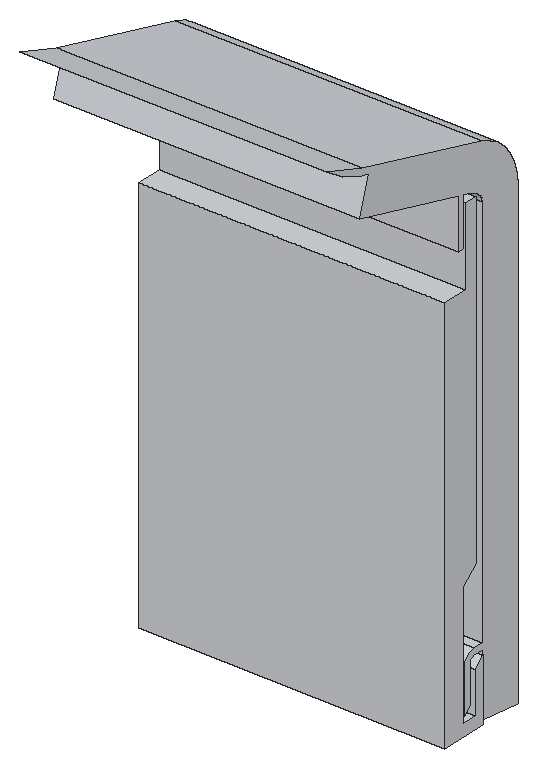
Revit family "HansWeitzel_2018", category Allgemeines Modell, Revit 2017
Family settings
  Basisbauteil = Wand
  Kann Basisbauteil für Bewehrung sein = Nein
  Bemaßung runder Anschluss = Durchmesser verwenden
  Teiletyp = Normal
  Immer vertikal = Ja
  Beim Laden mit Abzugskörper schneiden = Nein
  Gemeinsam genutzt = Nein
  Raumberechnungspunkt = Nein
Parameters (values of type "Type 1")
  max. Betriebstemperatur (°C) = 90
  Werkstoff = "Acryl"
  Wandmontage möglich = yes
  Typname = "HZ-Stoßverbinder SLF Ahorn"
  Tiefe (mm) = 30
  Profilart = "Anschlussprofi"
  Menge pro Verpackungseinheit = 10
  Length3 = 50 mm
  Length2 = 50 mm
  Length1 = 50 mm
  Ist Zubehör = no
  Ist System = no
  Höhe [mm] = 97
  Hersteller = "Hans Weitzel GmbH & Co. KG"
  HeinzeBIM = "https://www.heinze.de/bim/hz-stossverbinder-slf-ahorn/9b980c57f18f9bcf24d83cfbffde4f539b16ab9c"
  HAN = "2018"
  Gewicht unverpackt (netto) [kg] = 0.008
  GTIN = "4022023219814"
  Farbton = "Holzart/Holzdekor"
  Dekor = "Ahorn"
  Breite [mm] = 45
  Beschreibung = "HZ-Stoßverbinder SLF Ahorn für HZ-Sockelleiste SLF nur mit SCH2158"
  BIMSITE_PRODUCT_ID = "9b980c57f18f9bcf24d83cfbffde4f539b16ab9c"
  BIM = "https://media.live.bim.site/t/eyJhbGciOiJIUzI1NiIsInR5cCI6IkpXVCJ9.eyJjdCI6MSwidGYiOiJwdWJsaWMvaGFucy13ZWl0emVsLWdtYmgtY28ta2cvMjI1MGEyZS9IWl9TTEZfU3Rvc3N2ZXJiaW5kZXIucmZhIiwiY2lkIjoiZmVkOThlOWEtMWJkOC00YzY4LWE3M2ItNzRhOTRlMzE1ODIzIiwicmlkIjoiMDAwZGQyNjUwY2NmY2UwYzA5NTk1NzIwOGQyNDZmMTMiLCJwaWQiOiI5Yjk4MGM1N2YxOGY5YmNmMjRkODNjZmJmZmRlNGY1MzliMTZhYjljIiwic2lkIjoiNjM1NTgiLCJ1dCI6NSwibGMiOiJkZSIsImlhdCI6MTU4MDEyMjExMywiaXNzIjoiaHR0cHM6Ly9hcGkubGl2ZS5iaW0uc2l0ZSIsInN1YiI6ImY1ODZjNGI2LWE1MDgtNDI3YS05ODE4LTEzMTc5NjY1NzZiYyJ9.qlf72DB7vewF4cld--DjoJYlGir7wfrKm-fiE09HPIk/HZ_SLF_Stossverbinder.rfa"
Reference planes
  plane 1 "Wall": y = 0
  plane 2 "Center (Left/Right)": x = 125
  plane 3 "Back": y = 75
Text (mm)
  text "Placement side" at (0, 1409.804, 2854.306), in view "Left"
  text "Placement side" at (0, 499.811, 2980.732), in view "Right"
Dimensions and locks
  locked: plane 3 "Back" to host wall
  aligned and locked: plane 1 "Wall" to host wall
  aligned and locked: nested 1 to plane 3 "Back"
  aligned and locked: nested 2 to plane 3 "Back"
  aligned and locked: nested 2 to plane 2 "Center (Left/Right)"
  aligned and locked: nested 1 to plane 2 "Center (Left/Right)"
Nested families
  nested 1: "HZ_SLF_Part2" at (125, 75, 0) x (-1, 0, 0) z (0, 0, 1), type "HZ_SLF_Part2"
    with Length2 50 mm
  nested 2: "HZ_SLF_Profil" at (125, 75, 0) x (-1, 0, 0) z (0, 0, 1), type "HZ_SLF_Profil"
Definition of nested family "HZ_SLF_Part2"
  Parameters
    Length2 = 400 mm
  Reference planes
    plane 1 "Center (Front/Back)": y = 0
    plane 2: z = 0
    plane 3 "Center (Left/Right)": x = 0
    plane 4: z = 78
  Forms (mm)
    Extrusion 1, solid, detail levels fine
      sketch origin (0, 0, 0) x (0, 1, 0) y (0, 0, 1)
        loop
          line (-28, 65.25) -> (-28, 78) -> (-30, 78) -> (-30, 24.25) -> (-27.5, 22) -> (-27.5, 2) -> (-30, 2) -> (-30, 8.75) -> (-31.5, 10.25) -> (-31.5, 0) -> (-23.75, 0) -> (-23.75, 65.25) -> (-28, 65.25)
      from -200 to 200
    Extrusion 2, solid, detail levels medium
      sketch origin (0, 0, 0) x (0, 1, 0) y (0, 0, 1)
        loop
          line (-28, 65.25) -> (-28, 78) -> (-30, 78) -> (-30, 22) -> (-27.5, 22) -> (-27.5, 2) -> (-30, 2) -> (-30, 8.75) -> (-31.5, 8.75) -> (-31.5, 0) -> (-23.75, 0) -> (-23.75, 65.25) -> (-28, 65.25)
      from -200 to 200
    Extrusion 3, solid, detail levels coarse
      sketch origin (0, 0, 0) x (0, 1, 0) y (0, 0, 1)
        loop
          line (-31.5, 78) -> (-31.5, 0) -> (-23.75, 0) -> (-23.75, 78) -> (-31.5, 78)
      from -200 to 200
  Dimensions and locks
    equal spacing: Extrusion 1, plane 3 "Center (Left/Right)", Extrusion 1
    "Length2": Extrusion 1 to Extrusion 1
    aligned and locked: level to plane 2
    aligned and locked: Extrusion 3 to Extrusion 1  (x2)
    aligned and locked: Extrusion 2 to Extrusion 3  (x2)
  Automatic sketch dimensions
    Extrusion 1 sketch curve to level = 0 mm
    level to Extrusion 1 sketch curve = 10.25 mm
    plane 1 "Center (Front/Back)" to Extrusion 1 sketch curve = 31.5 mm
    Extrusion 1 sketch curve to Extrusion 1 sketch curve = 1.5 mm  (x2)
    level to Extrusion 1 sketch curve = 8.75 mm
    Extrusion 1 sketch curve to Extrusion 1 sketch curve = 2 mm
    Extrusion 1 sketch curve to Extrusion 1 sketch curve = 2.5 mm
    Extrusion 1 sketch curve to Extrusion 1 sketch curve = 4.25 mm
    level to Extrusion 1 sketch curve = 2 mm
    Extrusion 1 sketch curve to Extrusion 1 sketch curve = 11.75 mm
    Extrusion 1 sketch curve to Extrusion 1 sketch curve = 2.25 mm
    Extrusion 1 sketch curve to Extrusion 1 sketch curve = 41 mm
    Extrusion 1 sketch curve to Extrusion 1 sketch curve = 12.75 mm
    Extrusion 2 sketch curve to level = 0 mm
    plane 1 "Center (Front/Back)" to Extrusion 2 sketch curve = 31.5 mm
    Extrusion 2 sketch curve to Extrusion 2 sketch curve = 1.5 mm
    Extrusion 2 sketch curve to Extrusion 2 sketch curve = 2 mm
    Extrusion 2 sketch curve to Extrusion 2 sketch curve = 4.25 mm
    level to Extrusion 2 sketch curve = 2 mm
    Extrusion 2 sketch curve to Extrusion 2 sketch curve = 12.75 mm
    Extrusion 2 sketch curve to Extrusion 2 sketch curve = 2.5 mm
    Extrusion 2 sketch curve to Extrusion 2 sketch curve = 43.25 mm
    Extrusion 2 sketch curve to Extrusion 2 sketch curve = 0 mm
    Extrusion 2 sketch curve to Extrusion 2 sketch curve = 6.75 mm
    Extrusion 2 sketch curve to Extrusion 2 sketch curve = 13.25 mm
    Extrusion 3 sketch curve to level = 0 mm
    Extrusion 3 sketch curve to Extrusion 3 sketch curve = 7.75 mm
    plane 1 "Center (Front/Back)" to Extrusion 3 sketch curve = 31.5 mm
    level to Extrusion 3 sketch curve = 78 mm
Definition of nested family "HZ_SLF_Profil"
  Parameters
    Length3 = 50 mm
  Reference planes
    plane 1 "Center (Front/Back)": y = 0
    plane 2: z = 0
    plane 3 "Center (Left/Right)": x = 0
    plane 4: z = 95
  Forms (mm)
    Extrusion 1, solid, detail levels fine
      sketch origin (0, 0, 0) x (0, 1, 0) y (0, 0, 1)
        loop
          line (-38.561, 76.002) -> (-38.561, 0) -> (-31.5, 0.791) -> (-31.5, 11) -> (-29.75, 11)
          arc (-29.75, 11) -> (-29.043, 10.707) -> (-28.75, 10) r 1
          line (-28.75, 10) -> (-28.75, 4) -> (-27.75, 3) -> (-27.75, 10)
          arc (-27.75, 10) -> (-28.336, 11.414) -> (-29.75, 12) r 2
          line (-29.75, 12) -> (-31.5, 12) -> (-31.5, 76.545)
          arc (-31.5, 76.545) -> (-30.751, 77.994) -> (-29.355, 78.837) r 3
          line (-29.355, 78.837) -> (-27.5, 79.347) -> (-27.5, 71.5) -> (-26.5, 71.5) -> (-26.5, 79.621) -> (-6.471, 85.123) -> (-8.262, 90.853) -> (-6.8, 91.255)
          arc (-6.8, 91.255) -> (-2.978, 92.748) -> (0.452, 95) r 19.703
          arc (0.452, 95) -> (-3.246, 93.447) -> (-7.065, 92.219) r 46.507
          line (-7.065, 92.219) -> (-31.209, 85.587)
          arc (-31.209, 85.587) -> (-36.496, 82.03) -> (-38.561, 76.002) r 10
      from -25 to 25
    Extrusion 2, solid, detail levels medium
      sketch origin (0, 0, 0) x (0, 1, 0) y (0, 0, 1)
        loop
          line (-7.065, 92.219) -> (-31.209, 85.587)
          arc (-31.209, 85.587) -> (-36.496, 82.03) -> (-38.561, 76.002) r 10
          line (-38.561, 76.002) -> (-38.561, 0) -> (-31.5, 0.791) -> (-31.5, 11) -> (-28.75, 11) -> (-28.75, 3) -> (-27.75, 3) -> (-27.75, 12) -> (-31.5, 12) -> (-31.5, 76.545)
          arc (-31.5, 76.545) -> (-30.751, 77.994) -> (-29.355, 78.837) r 3
          line (-29.355, 78.837) -> (-27.5, 79.347) -> (-27.5, 71.5) -> (-26.5, 71.5) -> (-26.5, 79.621) -> (-6.471, 85.123) -> (0.452, 95)
          arc (0.452, 95) -> (-3.246, 93.447) -> (-7.065, 92.219) r 46.507
      from -25 to 25
    Extrusion 3, solid, detail levels coarse
      sketch origin (0, 0, 0) x (0, 1, 0) y (0, 0, 1)
        loop
          line (-38.561, 0) -> (0.452, 0) -> (0.452, 95) -> (-38.561, 95) -> (-38.561, 0)
      from -25 to 25
  Dimensions and locks
    equal spacing: Extrusion 3, plane 3 "Center (Left/Right)", Extrusion 3
    "Length3": Extrusion 3 to Extrusion 3
    aligned and locked: level to plane 2
    aligned and locked: Extrusion 1 to Extrusion 3
    aligned and locked: Extrusion 2 to Extrusion 3
    aligned and locked: Extrusion 3 to Extrusion 1
    aligned and locked: Extrusion 3 to Extrusion 2
  Automatic sketch dimensions
    plane 1 "Center (Front/Back)" to Extrusion 3 sketch curve = 38.561 mm
    Extrusion 3 sketch curve to plane 1 "Center (Front/Back)" = 0.452 mm
    Extrusion 3 sketch curve to level = 0 mm
    level to Extrusion 3 sketch curve = 95 mm
    Extrusion 2 sketch curve to Extrusion 2 sketch curve = 0 mm  (x2)
    Extrusion 2 sketch curve to level = 0 mm
    Extrusion 2 sketch curve to plane 4 = 0 mm
    plane 1 "Center (Front/Back)" to Extrusion 2 sketch curve = 38.561 mm
    level to Extrusion 2 sketch curve = 0.791 mm
    Extrusion 2 sketch curve to Extrusion 2 sketch curve = 7.061 mm  (x2)
    Extrusion 2 sketch curve to plane 4 = 9.413 mm
    Extrusion 2 sketch curve to Extrusion 2 sketch curve = 0.291 mm
    Extrusion 2 sketch curve to plane 4 = 16.163 mm
    Extrusion 2 sketch curve to Extrusion 2 sketch curve = 2.145 mm
    Extrusion 2 sketch curve to Extrusion 2 sketch curve = 2.75 mm
    Extrusion 2 sketch curve to Extrusion 2 sketch curve = 2.939 mm
    Extrusion 2 sketch curve to Extrusion 2 sketch curve = 1 mm  (x3)
    Extrusion 2 sketch curve to Extrusion 2 sketch curve = 1.061 mm
    plane 1 "Center (Front/Back)" to Extrusion 2 sketch curve = 19.383 mm
    plane 1 "Center (Front/Back)" to Extrusion 2 sketch curve = 7.065 mm
    plane 1 "Center (Front/Back)" to Extrusion 2 sketch curve = 6.471 mm
    level to Extrusion 2 sketch curve = 3 mm
    Extrusion 2 sketch curve to Extrusion 2 sketch curve = 8 mm
    Extrusion 2 sketch curve to Extrusion 2 sketch curve = 7.337 mm
    Extrusion 2 sketch curve to Extrusion 2 sketch curve = 2.893 mm
    Extrusion 2 sketch curve to Extrusion 2 sketch curve = 0.51 mm
    Extrusion 2 sketch curve to Extrusion 2 sketch curve = 0.275 mm
    Extrusion 2 sketch curve to plane 4 = 9.877 mm
    Extrusion 2 sketch curve to plane 4 = 2.781 mm
    plane 4 to Extrusion 2 sketch curve = 42.065 mm
    Extrusion 1 sketch curve to Extrusion 1 sketch curve = 0 mm  (x5)
    Extrusion 1 sketch curve to level = 0 mm
    Extrusion 1 sketch curve to plane 4 = 0 mm
    plane 1 "Center (Front/Back)" to Extrusion 1 sketch curve = 38.561 mm
    level to Extrusion 1 sketch curve = 0.791 mm
    Extrusion 1 sketch curve to Extrusion 1 sketch curve = 7.061 mm
    Extrusion 1 sketch curve to plane 4 = 9.413 mm
    Extrusion 1 sketch curve to Extrusion 1 sketch curve = 0.291 mm
    Extrusion 1 sketch curve to Extrusion 1 sketch curve = 1.75 mm
    Extrusion 1 sketch curve to plane 4 = 16.163 mm
    Extrusion 1 sketch curve to Extrusion 1 sketch curve = 2.145 mm
    level to Extrusion 1 sketch curve = 4 mm
    Extrusion 1 sketch curve to Extrusion 1 sketch curve = 2.75 mm
    Extrusion 1 sketch curve to Extrusion 1 sketch curve = 2.939 mm
    Extrusion 1 sketch curve to Extrusion 1 sketch curve = 1 mm  (x3)
    Extrusion 1 sketch curve to Extrusion 1 sketch curve = 1.855 mm
    plane 1 "Center (Front/Back)" to Extrusion 1 sketch curve = 19.383 mm
    plane 1 "Center (Front/Back)" to Extrusion 1 sketch curve = 12.019 mm
    plane 1 "Center (Front/Back)" to Extrusion 1 sketch curve = 8.262 mm
    Extrusion 1 sketch curve to Extrusion 1 sketch curve = 1.197 mm
    Extrusion 1 sketch curve to Extrusion 1 sketch curve = 1.791 mm
    Extrusion 1 sketch curve to Extrusion 1 sketch curve = 6 mm
    Extrusion 1 sketch curve to Extrusion 1 sketch curve = 7.337 mm
    Extrusion 1 sketch curve to Extrusion 1 sketch curve = 2.893 mm
    Extrusion 1 sketch curve to Extrusion 1 sketch curve = 0.51 mm
    Extrusion 1 sketch curve to Extrusion 1 sketch curve = 0.275 mm
    Extrusion 1 sketch curve to plane 4 = 9.877 mm
    Extrusion 1 sketch curve to plane 4 = 4.147 mm
    Extrusion 1 sketch curve to Extrusion 1 sketch curve = 1.366 mm
    plane 4 to Extrusion 1 sketch curve = 15.254 mm
    Extrusion 1 sketch curve to Extrusion 1 sketch curve = 26.811 mm
    Extrusion 1 sketch curve to Extrusion 1 sketch curve = 0.265 mm
